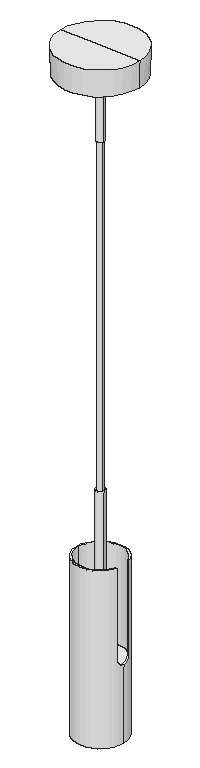
Revit family "Lighting_Pendants_Nordlux_MIB-6", category Lighting Fixtures, host Ceiling, Revit 2017
Family settings
  Host = Ceiling
  Round Connector Dimension = Use Diameter
  Part Type = Normal
  OmniClass Number = 23.80.70.11
  OmniClass Title = Luminaries for Internal Lighting
  Always vertical = Yes
  Cut with Voids When Loaded = No
  Light Source = Yes
  Shared = No
  Room Calculation Point = No
Parameters (values of type "MIB 6 - white")
  Wattage = 6.7321 W
  WarrantyStartDate [instance] = "n/a"
  WarrantyGuarantorParts = "n/a"
  WarrantyGuarantorLabor = "n/a"
  WarrantyDurationUnit = "Hours"
  WarrantyDurationParts = "n/a"
  WarrantyDurationLabor = "n/a"
  WarrantyDescription = "n/a"
  built-in parameter 1150110 = 1 (stored number, unit not read)
  VersionDate = "07/08/2019"  # constant formula
  Version = "1"  # constant formula
  UsageCurrent = 0 A
  Uniclass2015Reference = "Pr_70_70_48_62"
  Uniclass2015Description = "Pendant  luminaires"
  Uniclass2 = "Pr_70_70_49_86"
  URL = "https://www.nordlux.com/products/product/71679901"
  TotalWattage = 8 W
  built-in parameter 1114217 = 1 (stored number, unit not read)
  Tilt Angle = 90.00°
  built-in parameter 1150109 = 1 (stored number, unit not read)
  built-in parameter 1150134 = (empty or 0)
  TagNumber [instance] = "n/a"
  SustainabilityPerformance = "n/a"
  built-in parameter 1150113 = 1 (stored number, unit not read)
  Socket = "GU10"
  Size = "Shade: 60x60x270 mm / Canopy: 105x105x25 mm"
  Shape = "Sculptured"
  SerialNumber [instance] = "n/a"
  Revision = "n/a"
  ReplacementCost = "n/a"
  ProductInformation = "n/a"
  Product data url = "https://www.bimobject.com/nordlux/product/mib_6_gu10_pendant"
  Photometric Web File = "7167 Mib 6 Pendel.ies"
  PhaseReference = "n/a"
  PhaseAngle = 0.00°
  NumberOfSources = 0
  NumberOfPoles = 1
  NominalWidth = NominalDiameter  # 100 mm
  NominalVoltageCalc = 0 V
  NominalVoltage = 230 V
  NominalRadius = NominalDiameter / 2  # 50 mm
  NominalLength = NominalDiameter  # 100 mm
  NominalHeight [instance] = CableLengthControl + 275 mm  # 775 mm
  NominalFrequencyRange = 50 Hz
  NominalDiameter = 100 mm
  NominalCurrent = 0 A
  Name = "MIB-6"  # constant formula
  NBSReference = "90-60-50/405"
  NBSDescription = "General purpose luminaires"
  ModelReference = ArticleNumber  # "71679901"
  ModelNumber = "n/a"
  Model = "MIB 6 - white"
  Material = "Metal & textile"
  ManufacturersSpecificInformation = "n/a"
  ManufacturerURL = "https://www.nordlux.com/"
  ManufacturerName = "Nordlux"
  Manufacturer = "Nordlux"
  MaintenanceFactor = 0
  Lumens = 1000 lm
  built-in parameter 1150115 = 1 (stored number, unit not read)
  built-in parameter 1150105 = 360.88 (stored number, unit not read)
  LightSource = "Not included"
  LightFixtureSecondaryMaterial = White cable
  LightFixturePlacingType = "Ceilling"
  LightFixtureMountingType = "Suspended"
  LightFixtureMainMaterial = White
  built-in parameter 1150137 = (empty or 0)
  built-in parameter 1150139 = (empty or 0)
  LensMaterial = Glass
  built-in parameter 1150112 = 1 (stored number, unit not read)
  built-in parameter 1150114 = 1 (stored number, unit not read)
  InsulationStandardClass = "Class 2 (Double isolated)"
  InstallationDate [instance] = "n/a"
  built-in parameter 1150132 = 2
  built-in parameter 1150102 = (empty or 0)
  built-in parameter 1150138 = (empty or 0)
  built-in parameter 1150107 = 3000 (stored number, unit not read)
  built-in parameter 1150106 = 3.6088 (stored number, unit not read)
  IfcExportType = "NOTDEFINED"  # constant formula
  IfcExportAs = "IfcLightFixtureType"  # constant formula
  IP_Code = "IP20"
  HasProtectiveEarth = no
  Grade = "n/a"
  Finish = "Primary material metal, textile cable"
  Features = "Textile cable 300cm. Cable can not be replaced."
  ExpectedLife = "n/a"
  EnergyClass = "A++ - A"
  Emit from Circle Diameter = 50 mm
  Emit Shape Visible in Rendering = no
  ElectricalDeviceNominalPower = 0
  built-in parameter 1150104 = 13.8 (stored number, unit not read)
  EANNumber = "5701581332485"
  DurationUnit = "Hours"
  Dimming Lamp Color Temperature Shift = <None>
  Designer = "Bonnelycke MDD"
  Description = "The MIB collection is based on classical virtues of design, with an emphasis on simplicity. The adjustable lamp head provides a sleek and Nordic design look. MIB is available in several variations, and as a collection offers a great variety of applications. An indestructible lighting collection that spreads light and joy in any modern home. Design by Bønnelycke MDD. The minimalist MIB series is steeped in Nordic elegance and boasts excellent usability. MIB 6 invites you to put the spotlight on life. The narrow lamp head emits a precise and narrow directional light."
  DefaultElevation = 0 mm
  ConvergoRefNr = "0143-1909-0008-DK"
  Constituents = "n/a"
  Color Filter = 16777215
  Color = "White"
  Collection = "MIB 6"
  CodePerformance = "n/a"
  Category = "Indoor lighting"
  CableLengthControl [instance] = if(CableLength < 250 mm, 250 mm, if(CableLength > 3000 mm, 3000 mm, CableLength))  # 500 mm
  CableLength [instance] = 500 mm
  Brand = "Nordlux"
  Barcode [instance] = "n/a"
  built-in parameter 1114218 = 1 (stored number, unit not read)
  BIMObjectName = "Lighting_Pendants_Nordlux_MIB-6"  # constant formula
  Author = "Convergo AB"  # constant formula
  built-in parameter 1150133 = 10 (stored number, unit not read)
  AssetType = "Fixed"
  AssetIdentifier [instance] = "n/a"
  ArticleNumber = "71679901"
  AccessibilityPerformance = "n/a"
Types (3, lengths in mm): name | URL | ModelReference | Model | LightFixtureSecondaryMaterial | LightFixtureMainMaterial | EANNumber | Color | ArticleNumber
  MIB 6 - white | "https://www.nordlux.com/products/product/71679901" | "71679901" | "MIB 6 - white" | White cable | White | "5701581332485" | "White" | "71679901"
  MIB 6 - black | "https://www.nordlux.com/products/product/71679903" | "71679903" | "MIB 6 - black" | Black cable | Black | "5701581324084" | "Black" | "71679903"
  MIB 6 - grey | "https://www.nordlux.com/products/product/71679911" | "71679911" | "MIB 6 - grey" | Grey cable | Grey | "5701581475786" | "Grey" | "71679911"
Reference planes
  plane 1 "Light Source Axis (F/B)": y = 0
  plane 2: z = 0
  plane 3 "Light Source Axis (L/R)": x = 0
  plane 4 "Ceiling": z = 4000
  plane 5 "Light Source Elevation": z = 3235
  plane 6: x = -50
  plane 7: y = 50
  plane 8: x = 50
  plane 9: y = -50
  plane 10: z = 3500
  plane 11: z = 3225
Forms (mm)
  Extrusion 1, solid, material "White" <- "LightFixtureMainMaterial", detail levels coarse
    sketch origin (0, 6000, 3224.2) x (0, 1, 0) y (1, 0, 0)
      loop
        line (-5950, -50) -> (-5950, 50) -> (-6050, 50) -> (-6050, -50) -> (-5950, -50)
    from -0.8 to -775.8
Lines and regions (mm)
  symbolic lines
    curve 1: line (3, 0, 4000) -> (-3, 0, 4000)
  symbolic lines, detail levels medium+fine
    curve 2: line (3.5, 0, 3893.785) -> (3.5, 0, 3500)
    curve 3: line (0, 3.5, 3893.785) -> (0, 3.5, 3500)
    curve 4: line (-3.5, 0, 3893.785) -> (-3.5, 0, 3500)
    curve 5: line (0, -3.5, 3893.785) -> (0, -3.5, 3500)
Dimensions and locks
  equal spacing: host sketch curve, plane 3 "Light Source Axis (L/R)", host sketch curve
  equal spacing: host sketch curve, plane 1 "Light Source Axis (F/B)", host sketch curve
  host sketch curve to host sketch curve = 4000 mm  (x2)
  locked: plane 4 "Ceiling" to host ceiling at 0
  equal spacing: plane 9, plane 1 "Light Source Axis (F/B)", plane 7
  "NominalDiameter": plane 7 to plane 9
  equal spacing: plane 6, plane 3 "Light Source Axis (L/R)", plane 8
  "NominalDiameter": plane 6 to plane 8
  "CableLengthControl": plane 10 to plane 4 "Ceiling"
  "NominalHeight": plane 11 to plane 4 "Ceiling"
  locked: plane 11 to plane 5 "Light Source Elevation" at 10
  aligned and locked: plane 3 "Light Source Axis (L/R)" to imposter light
  aligned and locked: plane 1 "Light Source Axis (F/B)" to imposter light
  aligned and locked: plane 5 "Light Source Elevation" to imposter light
  aligned and locked: plane 4 "Ceiling" to curve 1  (x2)
  aligned and locked: plane 7 to Extrusion 1 sketch curve
  aligned and locked: plane 6 to Extrusion 1 sketch curve
  aligned and locked: plane 9 to Extrusion 1 sketch curve
  aligned and locked: plane 8 to Extrusion 1 sketch curve
  aligned and locked: Extrusion 1 to plane 4 "Ceiling"
  aligned and locked: plane 11 to Extrusion 1
  aligned and locked: plane 11 to nested 1
  aligned and locked: nested 2 to plane 4 "Ceiling"
  aligned and locked: curve 2 to nested 2
  aligned and locked: curve 4 to nested 2
  aligned and locked: nested 1 to curve 2
  aligned and locked: nested 1 to curve 4
  aligned and locked: nested 1 to curve 3
  aligned and locked: nested 1 to curve 5
  aligned and locked: nested 2 to curve 3
  aligned and locked: nested 2 to curve 5
  aligned and locked: plane 4 "Ceiling" to nested 2
Automatic sketch dimensions
  curve 4 to plane 3 "Light Source Axis (L/R)" = 3.5 mm
  curve 1 to plane 3 "Light Source Axis (L/R)" = 3 mm
  plane 3 "Light Source Axis (L/R)" to curve 1 = 3 mm
  plane 3 "Light Source Axis (L/R)" to curve 2 = 3.5 mm
  plane 1 "Light Source Axis (F/B)" to curve 5 = 3.5 mm
  curve 3 to plane 1 "Light Source Axis (F/B)" = 3.5 mm
Nested families
  nested 1: "MIB6_Pendant" at (0, 0, 3225), Metal <- "LightFixtureMainMaterial", Glass <- "LensMaterial", type "MIB6_Pendant"
    with Metal White, Glass Glass
  nested 2: "MIB6_Cable" at (0, 0, 4000) x (1, 0, 0) z (0, 0, -1), Cable <- "LightFixtureSecondaryMaterial", Metal <- "LightFixtureMainMaterial", CableLength <- "CableLengthControl", type "MIB6_Cable"
    with Metal White, CableLength 500 mm, Cable White cable
Connectors
  electrical at (0, 0, 4000), driven by "NumberOfPoles", driven by "NominalVoltage"
    settings: on nested 2, index 1, voltage 230 V, apparent load 0 VA, apparent load phase1 0 VA, apparent load phase2 0 VA, apparent load phase3 0 VA, power factor 1, load classification "Other", number of poles 1, system type 31, power factor state 1, is connector primary yes, connector utility no, sub classification motor no, connector description ""
Definition of nested family "MIB6_Pendant"
  Parameters (values of type "MIB6_Pendant")
    Metal [instance] = none
    Glass [instance] = none
  Reference planes
    plane 1 "Center (Front/Back)": y = 0
    plane 2: z = 0
    plane 3 "Center (Left/Right)": x = 0
    plane 4: z = 200
    plane 5: x = -30
    plane 6: x = 30
    plane 7: y = 30
    plane 8: y = -30
    plane 9: z = 275
    plane 10: z = 10
  Forms (mm)
    Revolve 1, solid, material <- "Metal", detail levels medium+fine
      sketch origin (0, 0, 0) x (1, 0, 0) y (0, 0, 1)
        loop
          line (-28.25, 0) -> (-28.25, 86) -> (0, 86) -> (0, 87.5) -> (-28.25, 87.5) -> (-28.25, 200) -> (-30, 200) -> (-30, 0) -> (-28.25, 0)
        axis (0, 200) -> (0, 0)
      angle from 0 to 360
    Revolve 2, solid, material <- "Glass", detail levels medium+fine
      sketch origin (0, 0, 0) x (1, 0, 0) y (0, 0, 1)
        loop
          line (-24.52, 10.004) -> (0, 10.004) -> (0, 57.001) -> (-10.478, 57.001) -> (-10.478, 31.288)
          arc (-10.478, 31.288) -> (-18.558, 22.991) -> (-23.02, 12.304) r 30.926
          line (-23.02, 12.304) -> (-24.52, 12.304)
          arc (-24.52, 12.304) -> (-24.874, 12.158) -> (-25.02, 11.804) r 0.5
          line (-25.02, 11.804) -> (-25.02, 10.504)
          arc (-25.02, 10.504) -> (-24.874, 10.151) -> (-24.52, 10.004) r 0.5
        axis (0, 57.001) -> (0, 10.004)
      angle from 0 to 360
    Revolve 3, solid, material <- "Metal", detail levels medium+fine
      sketch origin (0, 0, 0) x (1, 0, 0) y (0, 0, 1)
        loop
          line (-14.052, 51.001) -> (0, 51.001) -> (0, 275) -> (-5, 275) -> (-5, 126.323) -> (-6.268, 126.323) -> (-6.268, 91.323) -> (-4.005, 91.323) -> (-4.005, 88.978) -> (-5.007, 88.978) -> (-5.007, 75.879) -> (-11.659, 75.879)
          arc (-11.659, 75.879) -> (-12.028, 75.762) -> (-12.264, 75.455) r 0.644
          line (-12.264, 75.455) -> (-15.119, 67.621)
          arc (-15.119, 67.621) -> (-15.254, 67.116) -> (-15.3, 66.594) r 3
          line (-15.3, 66.594) -> (-15.3, 62.279) -> (-14.052, 62.279) -> (-14.052, 51.001)
        axis (0, 275) -> (0, 51.001)
      angle from 0 to 360
    Extrusion 4, void
      sketch origin (0, 0, 0) x (0, 1, 0) y (0, 0, 1)
        loop
          line (-10, 200) -> (-10, 98)
          arc (-10, 98) -> (0, 88) -> (10, 98) r 10
          line (10, 98) -> (10, 200) -> (-10, 200)
      from 13.922 to 37.907
  Cuts and joins
    Extrusion 4 cuts Revolve 1
  Lines and regions (mm)
    symbolic lines, detail levels medium+fine
      curve 1: line (0, 30, 0) -> (0, -30, 0)
      curve 2: line (0, -30, 0) -> (0, -30, 200)
      curve 3: line (0, -30, 200) -> (0, -5, 200)
      curve 4: line (0, 30, 0) -> (0, 30, 200)
      curve 5: line (0, 30, 200) -> (0, 5, 200)
      curve 6: line (0, 5, 275) -> (0, 5, 200)
      curve 7: line (0, -5, 275) -> (0, -5, 200)
      curve 9: line (0, 3.5, 275) -> (0, 5, 275)
      curve 11: line (0, -3.5, 275) -> (0, -5, 275)
      curve 33: line (-30, 0, 0) -> (30, 0, 0)
      curve 34: line (30, 0, 0) -> (30, 0, 88)
      curve 35: line (-30, 0, 0) -> (-30, 0, 200)
      curve 36: line (-30, 0, 200) -> (-5, 0, 200)
      curve 37: line (28.284, 0, 200) -> (5, 0, 200)
      curve 38: line (28.284, 0, 98) -> (28.284, 0, 200)
      curve 39: line (30, 0, 88) -> (28.284, 0, 98)
      curve 40: line (5, 0, 200) -> (5, 0, 275)
      curve 41: line (-5, 0, 200) -> (-5, 0, 275)
      curve 44: line (-3.5, 0, 275) -> (-5, 0, 275)
      curve 46: line (3.5, 0, 275) -> (5, 0, 275)
    symbolic lines, detail levels fine
      curve 8: line (0, 0, 275) -> (0, 3.5, 275)
      curve 10: line (0, 0, 275) -> (0, -3.5, 275)
      curve 12: line (0, -10, 200) -> (0, -10, 98)
      curve 13: arc (0, -10, 98) -> (0, 0, 88) -> (0, 10, 98) r 10
      curve 14: line (0, 10, 98) -> (0, 10, 200)
      curve 15: line (0, -5, 200) -> (0, -5, 126.323)
      curve 16: line (0, -6.471, 126.323) -> (0, -5, 126.323)
      curve 17: line (0, -6.471, 126.323) -> (0, -6.471, 91.323)
      curve 18: line (0, -6.471, 91.323) -> (0, -4.035, 91.323)
      curve 19: line (0, -4.035, 91.323) -> (0, -4.035, 88.85)
      curve 20: line (0, -5, 126.323) -> (0, 0, 126.323)
      curve 21: line (0, -3.147, 91.323) -> (0, -3.147, 100.323)
      curve 22: line (0, 2.15, 101.323) -> (0, -2.15, 101.323)
      curve 23: arc (0, -3.147, 100.323) -> (0, -2.855, 101.029) -> (0, -2.15, 101.323) r 1
      curve 24: line (0, -4.035, 91.323) -> (0, 4.035, 91.323)
      curve 25: line (0, 6.471, 126.323) -> (0, 5, 126.323)
      curve 26: line (0, 6.471, 126.323) -> (0, 6.471, 91.323)
      curve 27: line (0, 6.471, 91.323) -> (0, 4.035, 91.323)
      curve 28: line (0, 4.035, 91.323) -> (0, 4.035, 88.85)
      curve 29: line (0, 5, 126.323) -> (0, 0, 126.323)
      curve 30: line (0, 3.147, 91.323) -> (0, 3.147, 100.323)
      curve 31: arc (0, 3.147, 100.323) -> (0, 2.855, 101.029) -> (0, 2.15, 101.323) r 1
      curve 32: line (0, 5, 200) -> (0, 5, 126.323)
      curve 42: line (-5, 0, 200) -> (5, 0, 200)
      curve 43: line (0, 0, 275) -> (-3.5, 0, 275)
      curve 45: line (0, 0, 275) -> (3.5, 0, 275)
      curve 47: circle (0, 0, 0) r 30 normal (0, 0, 1)
      curve 48: circle (0, 0, 0) r 28.25 normal (0, 0, 1)
      curve 49: circle (0, 0, 0) r 25 normal (0, 0, 1)
  Dimensions and locks
    aligned and locked: level to plane 2
Definition of nested family "MIB6_Cable"
  Parameters (values of type "MIB6_Cable")
    Metal [instance] = none
    Default Elevation = 1219.2 mm
    CableLength [instance] = 250 mm
    Cable [instance] = none
  Reference planes
    plane 1 "Center (Front/Back)": y = 0
    plane 2: z = 0
    plane 3 "Center (Left/Right)": x = 0
  Forms (mm)
    Extrusion 1, solid, material <- "Cable", detail levels medium+fine
      sketch origin (0, 0, 0) x (1, 0, 0) y (0, 1, 0)
        loop
          circle (0, 0) r 3.5
      from 10 to 250 <- "CableLength"
    Revolve 2, solid, material <- "Metal", detail levels medium+fine
      sketch origin (0, 0, 0) x (1, 0, 0) y (0, 0, 1)
        loop
          line (-50.021, 0) -> (0, 0) -> (0, 106.215) -> (-4.905, 106.215) -> (-4.905, 30.521) -> (-49.133, 30.521) -> (-50.021, 0)
        axis (0, 106.215) -> (0, 0)
      angle from 0 to 360
  Lines and regions (mm)
    symbolic lines, detail levels medium+fine
      curve 1: line (-49.133, 0, 30.521) -> (-50.021, 0, 0)
      curve 2: line (-50.021, 0, 0) -> (0, 0, 0)
      curve 3: line (-49.133, 0, 30.521) -> (-4.905, 0, 30.521)
      curve 4: line (-4.905, 0, 30.521) -> (-4.905, 0, 106.215)
      curve 6: line (-3.5, 0, 106.215) -> (-4.905, 0, 106.215)
      curve 8: line (49.133, 0, 30.521) -> (50.021, 0, 0)
      curve 9: line (50.021, 0, 0) -> (0, 0, 0)
      curve 10: line (49.133, 0, 30.521) -> (4.905, 0, 30.521)
      curve 11: line (4.905, 0, 30.521) -> (4.905, 0, 106.215)
      curve 13: line (3.5, 0, 106.215) -> (4.905, 0, 106.215)
      curve 15: line (0, 0, 0) -> (0, 50.021, 0)
      curve 17: line (0, 50.021, 0) -> (0, 49.133, 30.521)
      curve 18: line (0, 4.905, 106.215) -> (0, 4.905, 30.521)
      curve 19: line (0, 4.905, 30.521) -> (0, 49.133, 30.521)
      curve 20: line (0, 4.905, 106.215) -> (0, 3.5, 106.215)
      curve 22: line (0, 0, 0) -> (0, -50.021, 0)
      curve 24: line (0, -50.021, 0) -> (0, -49.133, 30.521)
      curve 25: line (0, -4.905, 106.215) -> (0, -4.905, 30.521)
      curve 26: line (0, -4.905, 30.521) -> (0, -49.133, 30.521)
      curve 27: line (0, -4.905, 106.215) -> (0, -3.5, 106.215)
      curve 29: circle (0, 0, 0) r 50.021 normal (0, 0, 1)
    symbolic lines, detail levels fine
      curve 5: line (0, 0, 106.215) -> (-3.5, 0, 106.215)
      curve 7: line (-4.905, 0, 30.521) -> (0, 0, 30.521)
      curve 12: line (0, 0, 106.215) -> (3.5, 0, 106.215)
      curve 14: line (4.905, 0, 30.521) -> (0, 0, 30.521)
      curve 16: line (0, 0, 30.521) -> (0, 4.905, 30.521)
      curve 21: line (0, 3.5, 106.215) -> (0, 0, 106.215)
      curve 23: line (0, 0, 30.521) -> (0, -4.905, 30.521)
      curve 28: line (0, -3.5, 106.215) -> (0, 0, 106.215)
  Dimensions and locks
    aligned and locked: level to plane 2
